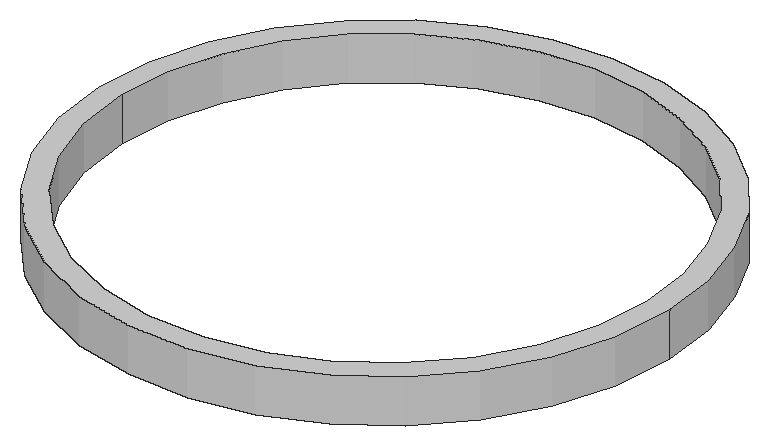
Revit family "c42dcf2ba1ca4b5a9c54d68f20183df8", category Structural Stiffeners, host Face, Revit 2021
Family settings
  Host = Face
  OmniClass Number = 23.25.30.11.27
  OmniClass Title = Vibration and Earthquake Controls
  Seek Item ID = Closed Loop Stiffener-Circular-0000-USA-ENU
  Cut with Voids When Loaded = No
  Shared = No
Parameters (values of type "Inner Diameter 1'")
  r [instance] = 0' - 6"
  d [instance] = 0' - 1"
  b [instance] = 0' - 0 1/2"
  Stiffener Material [instance] = Steel ASTM A36
  Default Elevation = 4' - 0"
  w [instance] = r * 2  # 1' - 0"
Types (3): name | r | w
  (no name) | 0' - 6" | 1' - 0"
  Inner Diameter 1' | 0' - 6" | 1' - 0"
  Inner Diameter 2' | 1' - 0" | 2' - 0"
Reference planes (in)
  plane 1 "Center (Front/Back)": y = 0.00003
  plane 2: z = 0
  plane 3 "Center (Left/Right)": x = 0
  plane 4: y = -5.99997
  plane 5: y = 0.00003
  plane 6: y = -5.99997
  plane 7: y = -11.99997
  plane 8: y = -11.99997
Forms (in)
  Sweep 1, solid, material "Steel ASTM A36" <- "Stiffener Material", detail levels medium+fine
    path origin (0, 2.4312, 0) x (1, 0, 0) y (0, 1, 0)
      loop
        circle (0, -8.43117) r 6
    profile origin (0, 0.00003, 0) x (0, -1, 0) y (0, 0, 1)
      loop
        line (0, 0) -> (0, 1) -> (-0.5, 1) -> (-0.5, 0) -> (0, 0)
Dimensions and locks (in)
  "b": Sweep 1 sketch curve to Sweep 1 sketch curve
  "d": Sweep 1 sketch curve to Sweep 1 sketch curve
  "r": plane 5 to plane 6
  "w": plane 7 to plane 5
  "r": radius of Sweep 1 sketch curve
  aligned and locked: plane 2 to host face
  aligned and locked: level to host face
  aligned and locked: profile plane to Sweep 1 sketch curve  (x2)
  aligned and locked: plane 5 to plane 1 "Center (Front/Back)"
  aligned and locked: plane 3 "Center (Left/Right)" to Sweep 1 sketch curve
  aligned and locked: plane 4 to Sweep 1 sketch curve
  aligned and locked: plane 4 to plane 6
  aligned and locked: plane 8 to plane 7
Automatic sketch dimensions
  host sketch curve to host sketch curve = 2' - 0.45052"
  host sketch curve to host sketch curve = 1' - 11.58194"
